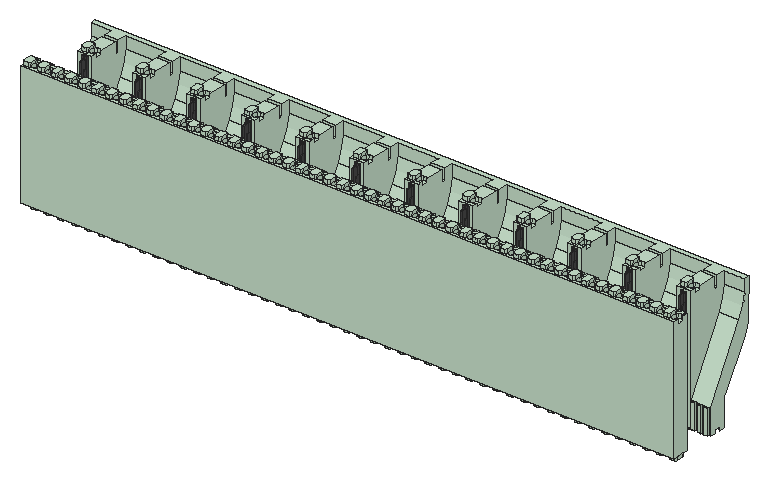
Revit family (continued)
Forms (in)
  Extrusion 51, void
    sketch origin (86, -1, 0) x (-1, 0, 0) y (0, -1, 0)
      loop
        arc (1, -4.89808) -> (1.04785, -5.04517) -> (1.17308, -5.13595) r 0.25
        arc (1.17308, -5.13595) -> (1.5, -5.1875) -> (1.82692, -5.13595) r 1.0625
        arc (1.82692, -5.13595) -> (1.95215, -5.04517) -> (2, -4.89808) r 0.25
        line (2, -4.89808) -> (2, -3.97692)
        arc (2, -3.97692) -> (1.98276, -3.88568) -> (1.9334, -3.80702) r 0.25
        arc (1.9334, -3.80702) -> (1.92106, -3.78736) -> (1.91675, -3.76455) r 0.0625
        line (1.91675, -3.76455) -> (1.91675, -3.41845) -> (1.74592, -3.41845) -> (1.74592, -3.64005)
        arc (1.74592, -3.64005) -> (1.72385, -3.68771) -> (1.67323, -3.70172) r 0.0625
        arc (1.67323, -3.70172) -> (1.42092, -3.69045) -> (1.17308, -3.73905) r 1.0625
        arc (1.17308, -3.73905) -> (1.04785, -3.82983) -> (1, -3.97692) r 0.25
        line (1, -3.97692) -> (1, -4.89808)
    from 18 to 17.5
  Extrusion 52, void
    sketch origin (78, -1, 0) x (-1, 0, 0) y (0, -1, 0)
      loop
        arc (1, -4.89808) -> (1.04785, -5.04517) -> (1.17308, -5.13595) r 0.25
        arc (1.17308, -5.13595) -> (1.5, -5.1875) -> (1.82692, -5.13595) r 1.0625
        arc (1.82692, -5.13595) -> (1.95215, -5.04517) -> (2, -4.89808) r 0.25
        line (2, -4.89808) -> (2, -3.97692)
        arc (2, -3.97692) -> (1.98276, -3.88568) -> (1.9334, -3.80702) r 0.25
        arc (1.9334, -3.80702) -> (1.92106, -3.78736) -> (1.91675, -3.76455) r 0.0625
        line (1.91675, -3.76455) -> (1.91675, -3.41845) -> (1.74592, -3.41845) -> (1.74592, -3.64005)
        arc (1.74592, -3.64005) -> (1.72385, -3.68771) -> (1.67323, -3.70172) r 0.0625
        arc (1.67323, -3.70172) -> (1.42092, -3.69045) -> (1.17308, -3.73905) r 1.0625
        arc (1.17308, -3.73905) -> (1.04785, -3.82983) -> (1, -3.97692) r 0.25
        line (1, -3.97692) -> (1, -4.89808)
    from 18 to 17.5
  Extrusion 53, void
    sketch origin (70, -1, 0) x (-1, 0, 0) y (0, -1, 0)
      loop
        arc (1, -4.89808) -> (1.04785, -5.04517) -> (1.17308, -5.13595) r 0.25
        arc (1.17308, -5.13595) -> (1.5, -5.1875) -> (1.82692, -5.13595) r 1.0625
        arc (1.82692, -5.13595) -> (1.95215, -5.04517) -> (2, -4.89808) r 0.25
        line (2, -4.89808) -> (2, -3.97692)
        arc (2, -3.97692) -> (1.98276, -3.88568) -> (1.9334, -3.80702) r 0.25
        arc (1.9334, -3.80702) -> (1.92106, -3.78736) -> (1.91675, -3.76455) r 0.0625
        line (1.91675, -3.76455) -> (1.91675, -3.41845) -> (1.74592, -3.41845) -> (1.74592, -3.64005)
        arc (1.74592, -3.64005) -> (1.72385, -3.68771) -> (1.67323, -3.70172) r 0.0625
        arc (1.67323, -3.70172) -> (1.42092, -3.69045) -> (1.17308, -3.73905) r 1.0625
        arc (1.17308, -3.73905) -> (1.04785, -3.82983) -> (1, -3.97692) r 0.25
        line (1, -3.97692) -> (1, -4.89808)
    from 18 to 17.5
  Extrusion 54, void
    sketch origin (62, -1, 0) x (-1, 0, 0) y (0, -1, 0)
      loop
        arc (1, -4.89808) -> (1.04785, -5.04517) -> (1.17308, -5.13595) r 0.25
        arc (1.17308, -5.13595) -> (1.5, -5.1875) -> (1.82692, -5.13595) r 1.0625
        arc (1.82692, -5.13595) -> (1.95215, -5.04517) -> (2, -4.89808) r 0.25
        line (2, -4.89808) -> (2, -3.97692)
        arc (2, -3.97692) -> (1.98276, -3.88568) -> (1.9334, -3.80702) r 0.25
        arc (1.9334, -3.80702) -> (1.92106, -3.78736) -> (1.91675, -3.76455) r 0.0625
        line (1.91675, -3.76455) -> (1.91675, -3.41845) -> (1.74592, -3.41845) -> (1.74592, -3.64005)
        arc (1.74592, -3.64005) -> (1.72385, -3.68771) -> (1.67323, -3.70172) r 0.0625
        arc (1.67323, -3.70172) -> (1.42092, -3.69045) -> (1.17308, -3.73905) r 1.0625
        arc (1.17308, -3.73905) -> (1.04785, -3.82983) -> (1, -3.97692) r 0.25
        line (1, -3.97692) -> (1, -4.89808)
    from 18 to 17.5
  Extrusion 55, void
    sketch origin (54, -1, 0) x (-1, 0, 0) y (0, -1, 0)
      loop
        arc (1, -4.89808) -> (1.04785, -5.04517) -> (1.17308, -5.13595) r 0.25
        arc (1.17308, -5.13595) -> (1.5, -5.1875) -> (1.82692, -5.13595) r 1.0625
        arc (1.82692, -5.13595) -> (1.95215, -5.04517) -> (2, -4.89808) r 0.25
        line (2, -4.89808) -> (2, -3.97692)
        arc (2, -3.97692) -> (1.98276, -3.88568) -> (1.9334, -3.80702) r 0.25
        arc (1.9334, -3.80702) -> (1.92106, -3.78736) -> (1.91675, -3.76455) r 0.0625
        line (1.91675, -3.76455) -> (1.91675, -3.41845) -> (1.74592, -3.41845) -> (1.74592, -3.64005)
        arc (1.74592, -3.64005) -> (1.72385, -3.68771) -> (1.67323, -3.70172) r 0.0625
        arc (1.67323, -3.70172) -> (1.42092, -3.69045) -> (1.17308, -3.73905) r 1.0625
        arc (1.17308, -3.73905) -> (1.04785, -3.82983) -> (1, -3.97692) r 0.25
        line (1, -3.97692) -> (1, -4.89808)
    from 18 to 17.5
  Extrusion 56, void
    sketch origin (46, -1, 0) x (-1, 0, 0) y (0, -1, 0)
      loop
        arc (1, -4.89808) -> (1.04785, -5.04517) -> (1.17308, -5.13595) r 0.25
        arc (1.17308, -5.13595) -> (1.5, -5.1875) -> (1.82692, -5.13595) r 1.0625
        arc (1.82692, -5.13595) -> (1.95215, -5.04517) -> (2, -4.89808) r 0.25
        line (2, -4.89808) -> (2, -3.97692)
        arc (2, -3.97692) -> (1.98276, -3.88568) -> (1.9334, -3.80702) r 0.25
        arc (1.9334, -3.80702) -> (1.92106, -3.78736) -> (1.91675, -3.76455) r 0.0625
        line (1.91675, -3.76455) -> (1.91675, -3.41845) -> (1.74592, -3.41845) -> (1.74592, -3.64005)
        arc (1.74592, -3.64005) -> (1.72385, -3.68771) -> (1.67323, -3.70172) r 0.0625
        arc (1.67323, -3.70172) -> (1.42092, -3.69045) -> (1.17308, -3.73905) r 1.0625
        arc (1.17308, -3.73905) -> (1.04785, -3.82983) -> (1, -3.97692) r 0.25
        line (1, -3.97692) -> (1, -4.89808)
    from 18 to 17.5
  Extrusion 57, void
    sketch origin (38, -1, 0) x (-1, 0, 0) y (0, -1, 0)
      loop
        arc (1, -4.89808) -> (1.04785, -5.04517) -> (1.17308, -5.13595) r 0.25
        arc (1.17308, -5.13595) -> (1.5, -5.1875) -> (1.82692, -5.13595) r 1.0625
        arc (1.82692, -5.13595) -> (1.95215, -5.04517) -> (2, -4.89808) r 0.25
        line (2, -4.89808) -> (2, -3.97692)
        arc (2, -3.97692) -> (1.98276, -3.88568) -> (1.9334, -3.80702) r 0.25
        arc (1.9334, -3.80702) -> (1.92106, -3.78736) -> (1.91675, -3.76455) r 0.0625
        line (1.91675, -3.76455) -> (1.91675, -3.41845) -> (1.74592, -3.41845) -> (1.74592, -3.64005)
        arc (1.74592, -3.64005) -> (1.72385, -3.68771) -> (1.67323, -3.70172) r 0.0625
        arc (1.67323, -3.70172) -> (1.42092, -3.69045) -> (1.17308, -3.73905) r 1.0625
        arc (1.17308, -3.73905) -> (1.04785, -3.82983) -> (1, -3.97692) r 0.25
        line (1, -3.97692) -> (1, -4.89808)
    from 18 to 17.5
  Extrusion 58, void
    sketch origin (30, -1, 0) x (-1, 0, 0) y (0, -1, 0)
      loop
        arc (1, -4.89808) -> (1.04785, -5.04517) -> (1.17308, -5.13595) r 0.25
        arc (1.17308, -5.13595) -> (1.5, -5.1875) -> (1.82692, -5.13595) r 1.0625
        arc (1.82692, -5.13595) -> (1.95215, -5.04517) -> (2, -4.89808) r 0.25
        line (2, -4.89808) -> (2, -3.97692)
        arc (2, -3.97692) -> (1.98276, -3.88568) -> (1.9334, -3.80702) r 0.25
        arc (1.9334, -3.80702) -> (1.92106, -3.78736) -> (1.91675, -3.76455) r 0.0625
        line (1.91675, -3.76455) -> (1.91675, -3.41845) -> (1.74592, -3.41845) -> (1.74592, -3.64005)
        arc (1.74592, -3.64005) -> (1.72385, -3.68771) -> (1.67323, -3.70172) r 0.0625
        arc (1.67323, -3.70172) -> (1.42092, -3.69045) -> (1.17308, -3.73905) r 1.0625
        arc (1.17308, -3.73905) -> (1.04785, -3.82983) -> (1, -3.97692) r 0.25
        line (1, -3.97692) -> (1, -4.89808)
    from 18 to 17.5
  Extrusion 59, void
    sketch origin (22, -1, 0) x (-1, 0, 0) y (0, -1, 0)
      loop
        arc (1, -4.89808) -> (1.04785, -5.04517) -> (1.17308, -5.13595) r 0.25
        arc (1.17308, -5.13595) -> (1.5, -5.1875) -> (1.82692, -5.13595) r 1.0625
        arc (1.82692, -5.13595) -> (1.95215, -5.04517) -> (2, -4.89808) r 0.25
        line (2, -4.89808) -> (2, -3.97692)
        arc (2, -3.97692) -> (1.98276, -3.88568) -> (1.9334, -3.80702) r 0.25
        arc (1.9334, -3.80702) -> (1.92106, -3.78736) -> (1.91675, -3.76455) r 0.0625
        line (1.91675, -3.76455) -> (1.91675, -3.41845) -> (1.74592, -3.41845) -> (1.74592, -3.64005)
        arc (1.74592, -3.64005) -> (1.72385, -3.68771) -> (1.67323, -3.70172) r 0.0625
        arc (1.67323, -3.70172) -> (1.42092, -3.69045) -> (1.17308, -3.73905) r 1.0625
        arc (1.17308, -3.73905) -> (1.04785, -3.82983) -> (1, -3.97692) r 0.25
        line (1, -3.97692) -> (1, -4.89808)
    from 18 to 17.5
  Extrusion 60, void
    sketch origin (14, -1, 0) x (-1, 0, 0) y (0, -1, 0)
      loop
        arc (1, -4.89808) -> (1.04785, -5.04517) -> (1.17308, -5.13595) r 0.25
        arc (1.17308, -5.13595) -> (1.5, -5.1875) -> (1.82692, -5.13595) r 1.0625
        arc (1.82692, -5.13595) -> (1.95215, -5.04517) -> (2, -4.89808) r 0.25
        line (2, -4.89808) -> (2, -3.97692)
        arc (2, -3.97692) -> (1.98276, -3.88568) -> (1.9334, -3.80702) r 0.25
        arc (1.9334, -3.80702) -> (1.92106, -3.78736) -> (1.91675, -3.76455) r 0.0625
        line (1.91675, -3.76455) -> (1.91675, -3.41845) -> (1.74592, -3.41845) -> (1.74592, -3.64005)
        arc (1.74592, -3.64005) -> (1.72385, -3.68771) -> (1.67323, -3.70172) r 0.0625
        arc (1.67323, -3.70172) -> (1.42092, -3.69045) -> (1.17308, -3.73905) r 1.0625
        arc (1.17308, -3.73905) -> (1.04785, -3.82983) -> (1, -3.97692) r 0.25
        line (1, -3.97692) -> (1, -4.89808)
    from 18 to 17.5
  Extrusion 61, void
    sketch origin (6, -1, 0) x (-1, 0, 0) y (0, -1, 0)
      loop
        arc (1, -4.89808) -> (1.04785, -5.04517) -> (1.17308, -5.13595) r 0.25
        arc (1.17308, -5.13595) -> (1.5, -5.1875) -> (1.82692, -5.13595) r 1.0625
        arc (1.82692, -5.13595) -> (1.95215, -5.04517) -> (2, -4.89808) r 0.25
        line (2, -4.89808) -> (2, -3.97692)
        arc (2, -3.97692) -> (1.98276, -3.88568) -> (1.9334, -3.80702) r 0.25
        arc (1.9334, -3.80702) -> (1.92106, -3.78736) -> (1.91675, -3.76455) r 0.0625
        line (1.91675, -3.76455) -> (1.91675, -3.41845) -> (1.74592, -3.41845) -> (1.74592, -3.64005)
        arc (1.74592, -3.64005) -> (1.72385, -3.68771) -> (1.67323, -3.70172) r 0.0625
        arc (1.67323, -3.70172) -> (1.42092, -3.69045) -> (1.17308, -3.73905) r 1.0625
        arc (1.17308, -3.73905) -> (1.04785, -3.82983) -> (1, -3.97692) r 0.25
        line (1, -3.97692) -> (1, -4.89808)
    from 18 to 17.5
  Extrusion 62, void
    sketch origin (2, 1, 0) x (-1, 0, 0) y (0, -1, 0)
      loop
        line (1, 4.89808) -> (1, 3.97692)
        arc (1, 3.97692) -> (1.04785, 3.82983) -> (1.17308, 3.73905) r 0.25
        arc (1.17308, 3.73905) -> (1.42092, 3.69045) -> (1.67323, 3.70172) r 1.0625
        arc (1.67323, 3.70172) -> (1.72385, 3.68771) -> (1.74592, 3.64005) r 0.0625
        line (1.74592, 3.64005) -> (1.74592, 3.41845) -> (1.91675, 3.41845) -> (1.91675, 3.76455)
        arc (1.91675, 3.76455) -> (1.92106, 3.78736) -> (1.9334, 3.80702) r 0.0625
        arc (1.9334, 3.80702) -> (1.98276, 3.88568) -> (2, 3.97692) r 0.25
        line (2, 3.97692) -> (2, 4.89808)
        arc (2, 4.89808) -> (1.95215, 5.04517) -> (1.82692, 5.13595) r 0.25
        arc (1.82692, 5.13595) -> (1.5, 5.1875) -> (1.17308, 5.13595) r 1.0625
        arc (1.17308, 5.13595) -> (1.04785, 5.04517) -> (1, 4.89808) r 0.25
    from 0 to 0.5
  Extrusion 63, void
    sketch origin (4, 1, 0) x (-1, 0, 0) y (0, -1, 0)
      loop
        line (1, 4.89808) -> (1, 3.97692)
        arc (1, 3.97692) -> (1.04785, 3.82983) -> (1.17308, 3.73905) r 0.25
        arc (1.17308, 3.73905) -> (1.42092, 3.69045) -> (1.67323, 3.70172) r 1.0625
        arc (1.67323, 3.70172) -> (1.72385, 3.68771) -> (1.74592, 3.64005) r 0.0625
        line (1.74592, 3.64005) -> (1.74592, 3.41845) -> (1.91675, 3.41845) -> (1.91675, 3.76455)
        arc (1.91675, 3.76455) -> (1.92106, 3.78736) -> (1.9334, 3.80702) r 0.0625
        arc (1.9334, 3.80702) -> (1.98276, 3.88568) -> (2, 3.97692) r 0.25
        line (2, 3.97692) -> (2, 4.89808)
        arc (2, 4.89808) -> (1.95215, 5.04517) -> (1.82692, 5.13595) r 0.25
        arc (1.82692, 5.13595) -> (1.5, 5.1875) -> (1.17308, 5.13595) r 1.0625
        arc (1.17308, 5.13595) -> (1.04785, 5.04517) -> (1, 4.89808) r 0.25
    from 0 to 0.5
  Extrusion 64, void
    sketch origin (6, 1, 0) x (-1, 0, 0) y (0, -1, 0)
      loop
        line (1, 4.89808) -> (1, 3.97692)
        arc (1, 3.97692) -> (1.04785, 3.82983) -> (1.17308, 3.73905) r 0.25
        arc (1.17308, 3.73905) -> (1.42092, 3.69045) -> (1.67323, 3.70172) r 1.0625
        arc (1.67323, 3.70172) -> (1.72385, 3.68771) -> (1.74592, 3.64005) r 0.0625
        line (1.74592, 3.64005) -> (1.74592, 3.41845) -> (1.91675, 3.41845) -> (1.91675, 3.76455)
        arc (1.91675, 3.76455) -> (1.92106, 3.78736) -> (1.9334, 3.80702) r 0.0625
        arc (1.9334, 3.80702) -> (1.98276, 3.88568) -> (2, 3.97692) r 0.25
        line (2, 3.97692) -> (2, 4.89808)
        arc (2, 4.89808) -> (1.95215, 5.04517) -> (1.82692, 5.13595) r 0.25
        arc (1.82692, 5.13595) -> (1.5, 5.1875) -> (1.17308, 5.13595) r 1.0625
        arc (1.17308, 5.13595) -> (1.04785, 5.04517) -> (1, 4.89808) r 0.25
    from 0 to 0.5
  Extrusion 65, void
    sketch origin (8, 1, 0) x (-1, 0, 0) y (0, -1, 0)
      loop
        line (1, 4.89808) -> (1, 3.97692)
        arc (1, 3.97692) -> (1.04785, 3.82983) -> (1.17308, 3.73905) r 0.25
        arc (1.17308, 3.73905) -> (1.42092, 3.69045) -> (1.67323, 3.70172) r 1.0625
        arc (1.67323, 3.70172) -> (1.72385, 3.68771) -> (1.74592, 3.64005) r 0.0625
        line (1.74592, 3.64005) -> (1.74592, 3.41845) -> (1.91675, 3.41845) -> (1.91675, 3.76455)
        arc (1.91675, 3.76455) -> (1.92106, 3.78736) -> (1.9334, 3.80702) r 0.0625
        arc (1.9334, 3.80702) -> (1.98276, 3.88568) -> (2, 3.97692) r 0.25
        line (2, 3.97692) -> (2, 4.89808)
        arc (2, 4.89808) -> (1.95215, 5.04517) -> (1.82692, 5.13595) r 0.25
        arc (1.82692, 5.13595) -> (1.5, 5.1875) -> (1.17308, 5.13595) r 1.0625
        arc (1.17308, 5.13595) -> (1.04785, 5.04517) -> (1, 4.89808) r 0.25
    from 0 to 0.5
  Extrusion 66, void
    sketch origin (10, 1, 0) x (-1, 0, 0) y (0, -1, 0)
      loop
        line (1, 4.89808) -> (1, 3.97692)
        arc (1, 3.97692) -> (1.04785, 3.82983) -> (1.17308, 3.73905) r 0.25
        arc (1.17308, 3.73905) -> (1.42092, 3.69045) -> (1.67323, 3.70172) r 1.0625
        arc (1.67323, 3.70172) -> (1.72385, 3.68771) -> (1.74592, 3.64005) r 0.0625
        line (1.74592, 3.64005) -> (1.74592, 3.41845) -> (1.91675, 3.41845) -> (1.91675, 3.76455)
        arc (1.91675, 3.76455) -> (1.92106, 3.78736) -> (1.9334, 3.80702) r 0.0625
        arc (1.9334, 3.80702) -> (1.98276, 3.88568) -> (2, 3.97692) r 0.25
        line (2, 3.97692) -> (2, 4.89808)
        arc (2, 4.89808) -> (1.95215, 5.04517) -> (1.82692, 5.13595) r 0.25
        arc (1.82692, 5.13595) -> (1.5, 5.1875) -> (1.17308, 5.13595) r 1.0625
        arc (1.17308, 5.13595) -> (1.04785, 5.04517) -> (1, 4.89808) r 0.25
    from 0 to 0.5
  Extrusion 67, void
    sketch origin (12, 1, 0) x (-1, 0, 0) y (0, -1, 0)
      loop
        line (1, 4.89808) -> (1, 3.97692)
        arc (1, 3.97692) -> (1.04785, 3.82983) -> (1.17308, 3.73905) r 0.25
        arc (1.17308, 3.73905) -> (1.42092, 3.69045) -> (1.67323, 3.70172) r 1.0625
        arc (1.67323, 3.70172) -> (1.72385, 3.68771) -> (1.74592, 3.64005) r 0.0625
        line (1.74592, 3.64005) -> (1.74592, 3.41845) -> (1.91675, 3.41845) -> (1.91675, 3.76455)
        arc (1.91675, 3.76455) -> (1.92106, 3.78736) -> (1.9334, 3.80702) r 0.0625
        arc (1.9334, 3.80702) -> (1.98276, 3.88568) -> (2, 3.97692) r 0.25
        line (2, 3.97692) -> (2, 4.89808)
        arc (2, 4.89808) -> (1.95215, 5.04517) -> (1.82692, 5.13595) r 0.25
        arc (1.82692, 5.13595) -> (1.5, 5.1875) -> (1.17308, 5.13595) r 1.0625
        arc (1.17308, 5.13595) -> (1.04785, 5.04517) -> (1, 4.89808) r 0.25
    from 0 to 0.5
  Extrusion 68, void
    sketch origin (14, 1, 0) x (-1, 0, 0) y (0, -1, 0)
      loop
        line (1, 4.89808) -> (1, 3.97692)
        arc (1, 3.97692) -> (1.04785, 3.82983) -> (1.17308, 3.73905) r 0.25
        arc (1.17308, 3.73905) -> (1.42092, 3.69045) -> (1.67323, 3.70172) r 1.0625
        arc (1.67323, 3.70172) -> (1.72385, 3.68771) -> (1.74592, 3.64005) r 0.0625
        line (1.74592, 3.64005) -> (1.74592, 3.41845) -> (1.91675, 3.41845) -> (1.91675, 3.76455)
        arc (1.91675, 3.76455) -> (1.92106, 3.78736) -> (1.9334, 3.80702) r 0.0625
        arc (1.9334, 3.80702) -> (1.98276, 3.88568) -> (2, 3.97692) r 0.25
        line (2, 3.97692) -> (2, 4.89808)
        arc (2, 4.89808) -> (1.95215, 5.04517) -> (1.82692, 5.13595) r 0.25
        arc (1.82692, 5.13595) -> (1.5, 5.1875) -> (1.17308, 5.13595) r 1.0625
        arc (1.17308, 5.13595) -> (1.04785, 5.04517) -> (1, 4.89808) r 0.25
    from 0 to 0.5
  Extrusion 69, void
    sketch origin (16, 1, 0) x (-1, 0, 0) y (0, -1, 0)
      loop
        line (1, 4.89808) -> (1, 3.97692)
        arc (1, 3.97692) -> (1.04785, 3.82983) -> (1.17308, 3.73905) r 0.25
        arc (1.17308, 3.73905) -> (1.42092, 3.69045) -> (1.67323, 3.70172) r 1.0625
        arc (1.67323, 3.70172) -> (1.72385, 3.68771) -> (1.74592, 3.64005) r 0.0625
        line (1.74592, 3.64005) -> (1.74592, 3.41845) -> (1.91675, 3.41845) -> (1.91675, 3.76455)
        arc (1.91675, 3.76455) -> (1.92106, 3.78736) -> (1.9334, 3.80702) r 0.0625
        arc (1.9334, 3.80702) -> (1.98276, 3.88568) -> (2, 3.97692) r 0.25
        line (2, 3.97692) -> (2, 4.89808)
        arc (2, 4.89808) -> (1.95215, 5.04517) -> (1.82692, 5.13595) r 0.25
        arc (1.82692, 5.13595) -> (1.5, 5.1875) -> (1.17308, 5.13595) r 1.0625
        arc (1.17308, 5.13595) -> (1.04785, 5.04517) -> (1, 4.89808) r 0.25
    from 0 to 0.5
  Extrusion 70, void
    sketch origin (18, 1, 0) x (-1, 0, 0) y (0, -1, 0)
      loop
        line (1, 4.89808) -> (1, 3.97692)
        arc (1, 3.97692) -> (1.04785, 3.82983) -> (1.17308, 3.73905) r 0.25
        arc (1.17308, 3.73905) -> (1.42092, 3.69045) -> (1.67323, 3.70172) r 1.0625
        arc (1.67323, 3.70172) -> (1.72385, 3.68771) -> (1.74592, 3.64005) r 0.0625
        line (1.74592, 3.64005) -> (1.74592, 3.41845) -> (1.91675, 3.41845) -> (1.91675, 3.76455)
        arc (1.91675, 3.76455) -> (1.92106, 3.78736) -> (1.9334, 3.80702) r 0.0625
        arc (1.9334, 3.80702) -> (1.98276, 3.88568) -> (2, 3.97692) r 0.25
        line (2, 3.97692) -> (2, 4.89808)
        arc (2, 4.89808) -> (1.95215, 5.04517) -> (1.82692, 5.13595) r 0.25
        arc (1.82692, 5.13595) -> (1.5, 5.1875) -> (1.17308, 5.13595) r 1.0625
        arc (1.17308, 5.13595) -> (1.04785, 5.04517) -> (1, 4.89808) r 0.25
    from 0 to 0.5
  Extrusion 71, void
    sketch origin (20, 1, 0) x (-1, 0, 0) y (0, -1, 0)
      loop
        line (1, 4.89808) -> (1, 3.97692)
        arc (1, 3.97692) -> (1.04785, 3.82983) -> (1.17308, 3.73905) r 0.25
        arc (1.17308, 3.73905) -> (1.42092, 3.69045) -> (1.67323, 3.70172) r 1.0625
        arc (1.67323, 3.70172) -> (1.72385, 3.68771) -> (1.74592, 3.64005) r 0.0625
        line (1.74592, 3.64005) -> (1.74592, 3.41845) -> (1.91675, 3.41845) -> (1.91675, 3.76455)
        arc (1.91675, 3.76455) -> (1.92106, 3.78736) -> (1.9334, 3.80702) r 0.0625
        arc (1.9334, 3.80702) -> (1.98276, 3.88568) -> (2, 3.97692) r 0.25
        line (2, 3.97692) -> (2, 4.89808)
        arc (2, 4.89808) -> (1.95215, 5.04517) -> (1.82692, 5.13595) r 0.25
        arc (1.82692, 5.13595) -> (1.5, 5.1875) -> (1.17308, 5.13595) r 1.0625
        arc (1.17308, 5.13595) -> (1.04785, 5.04517) -> (1, 4.89808) r 0.25
    from 0 to 0.5
  Extrusion 72, void
    sketch origin (22, 1, 0) x (-1, 0, 0) y (0, -1, 0)
      loop
        line (1, 4.89808) -> (1, 3.97692)
        arc (1, 3.97692) -> (1.04785, 3.82983) -> (1.17308, 3.73905) r 0.25
        arc (1.17308, 3.73905) -> (1.42092, 3.69045) -> (1.67323, 3.70172) r 1.0625
        arc (1.67323, 3.70172) -> (1.72385, 3.68771) -> (1.74592, 3.64005) r 0.0625
        line (1.74592, 3.64005) -> (1.74592, 3.41845) -> (1.91675, 3.41845) -> (1.91675, 3.76455)
        arc (1.91675, 3.76455) -> (1.92106, 3.78736) -> (1.9334, 3.80702) r 0.0625
        arc (1.9334, 3.80702) -> (1.98276, 3.88568) -> (2, 3.97692) r 0.25
        line (2, 3.97692) -> (2, 4.89808)
        arc (2, 4.89808) -> (1.95215, 5.04517) -> (1.82692, 5.13595) r 0.25
        arc (1.82692, 5.13595) -> (1.5, 5.1875) -> (1.17308, 5.13595) r 1.0625
        arc (1.17308, 5.13595) -> (1.04785, 5.04517) -> (1, 4.89808) r 0.25
    from 0 to 0.5
  Extrusion 73, void
    sketch origin (24, 1, 0) x (-1, 0, 0) y (0, -1, 0)
      loop
        line (1, 4.89808) -> (1, 3.97692)
        arc (1, 3.97692) -> (1.04785, 3.82983) -> (1.17308, 3.73905) r 0.25
        arc (1.17308, 3.73905) -> (1.42092, 3.69045) -> (1.67323, 3.70172) r 1.0625
        arc (1.67323, 3.70172) -> (1.72385, 3.68771) -> (1.74592, 3.64005) r 0.0625
        line (1.74592, 3.64005) -> (1.74592, 3.41845) -> (1.91675, 3.41845) -> (1.91675, 3.76455)
        arc (1.91675, 3.76455) -> (1.92106, 3.78736) -> (1.9334, 3.80702) r 0.0625
        arc (1.9334, 3.80702) -> (1.98276, 3.88568) -> (2, 3.97692) r 0.25
        line (2, 3.97692) -> (2, 4.89808)
        arc (2, 4.89808) -> (1.95215, 5.04517) -> (1.82692, 5.13595) r 0.25
        arc (1.82692, 5.13595) -> (1.5, 5.1875) -> (1.17308, 5.13595) r 1.0625
        arc (1.17308, 5.13595) -> (1.04785, 5.04517) -> (1, 4.89808) r 0.25
    from 0 to 0.5
  Extrusion 74, void
    sketch origin (26, 1, 0) x (-1, 0, 0) y (0, -1, 0)
      loop
        line (1, 4.89808) -> (1, 3.97692)
        arc (1, 3.97692) -> (1.04785, 3.82983) -> (1.17308, 3.73905) r 0.25
        arc (1.17308, 3.73905) -> (1.42092, 3.69045) -> (1.67323, 3.70172) r 1.0625
        arc (1.67323, 3.70172) -> (1.72385, 3.68771) -> (1.74592, 3.64005) r 0.0625
        line (1.74592, 3.64005) -> (1.74592, 3.41845) -> (1.91675, 3.41845) -> (1.91675, 3.76455)
        arc (1.91675, 3.76455) -> (1.92106, 3.78736) -> (1.9334, 3.80702) r 0.0625
        arc (1.9334, 3.80702) -> (1.98276, 3.88568) -> (2, 3.97692) r 0.25
        line (2, 3.97692) -> (2, 4.89808)
        arc (2, 4.89808) -> (1.95215, 5.04517) -> (1.82692, 5.13595) r 0.25
        arc (1.82692, 5.13595) -> (1.5, 5.1875) -> (1.17308, 5.13595) r 1.0625
        arc (1.17308, 5.13595) -> (1.04785, 5.04517) -> (1, 4.89808) r 0.25
    from 0 to 0.5
  Extrusion 75, void
    sketch origin (28, 1, 0) x (-1, 0, 0) y (0, -1, 0)
      loop
        line (1, 4.89808) -> (1, 3.97692)
        arc (1, 3.97692) -> (1.04785, 3.82983) -> (1.17308, 3.73905) r 0.25
        arc (1.17308, 3.73905) -> (1.42092, 3.69045) -> (1.67323, 3.70172) r 1.0625
        arc (1.67323, 3.70172) -> (1.72385, 3.68771) -> (1.74592, 3.64005) r 0.0625
        line (1.74592, 3.64005) -> (1.74592, 3.41845) -> (1.91675, 3.41845) -> (1.91675, 3.76455)
        arc (1.91675, 3.76455) -> (1.92106, 3.78736) -> (1.9334, 3.80702) r 0.0625
        arc (1.9334, 3.80702) -> (1.98276, 3.88568) -> (2, 3.97692) r 0.25
        line (2, 3.97692) -> (2, 4.89808)
        arc (2, 4.89808) -> (1.95215, 5.04517) -> (1.82692, 5.13595) r 0.25
        arc (1.82692, 5.13595) -> (1.5, 5.1875) -> (1.17308, 5.13595) r 1.0625
        arc (1.17308, 5.13595) -> (1.04785, 5.04517) -> (1, 4.89808) r 0.25
    from 0 to 0.5
  Extrusion 76, void
    sketch origin (30, 1, 0) x (-1, 0, 0) y (0, -1, 0)
      loop
        line (1, 4.89808) -> (1, 3.97692)
        arc (1, 3.97692) -> (1.04785, 3.82983) -> (1.17308, 3.73905) r 0.25
        arc (1.17308, 3.73905) -> (1.42092, 3.69045) -> (1.67323, 3.70172) r 1.0625
        arc (1.67323, 3.70172) -> (1.72385, 3.68771) -> (1.74592, 3.64005) r 0.0625
        line (1.74592, 3.64005) -> (1.74592, 3.41845) -> (1.91675, 3.41845) -> (1.91675, 3.76455)
        arc (1.91675, 3.76455) -> (1.92106, 3.78736) -> (1.9334, 3.80702) r 0.0625
        arc (1.9334, 3.80702) -> (1.98276, 3.88568) -> (2, 3.97692) r 0.25
        line (2, 3.97692) -> (2, 4.89808)
        arc (2, 4.89808) -> (1.95215, 5.04517) -> (1.82692, 5.13595) r 0.25
        arc (1.82692, 5.13595) -> (1.5, 5.1875) -> (1.17308, 5.13595) r 1.0625
        arc (1.17308, 5.13595) -> (1.04785, 5.04517) -> (1, 4.89808) r 0.25
    from 0 to 0.5
  Extrusion 77, void
    sketch origin (32, 1, 0) x (-1, 0, 0) y (0, -1, 0)
      loop
        line (1, 4.89808) -> (1, 3.97692)
        arc (1, 3.97692) -> (1.04785, 3.82983) -> (1.17308, 3.73905) r 0.25
        arc (1.17308, 3.73905) -> (1.42092, 3.69045) -> (1.67323, 3.70172) r 1.0625
        arc (1.67323, 3.70172) -> (1.72385, 3.68771) -> (1.74592, 3.64005) r 0.0625
        line (1.74592, 3.64005) -> (1.74592, 3.41845) -> (1.91675, 3.41845) -> (1.91675, 3.76455)
        arc (1.91675, 3.76455) -> (1.92106, 3.78736) -> (1.9334, 3.80702) r 0.0625
        arc (1.9334, 3.80702) -> (1.98276, 3.88568) -> (2, 3.97692) r 0.25
        line (2, 3.97692) -> (2, 4.89808)
        arc (2, 4.89808) -> (1.95215, 5.04517) -> (1.82692, 5.13595) r 0.25
        arc (1.82692, 5.13595) -> (1.5, 5.1875) -> (1.17308, 5.13595) r 1.0625
        arc (1.17308, 5.13595) -> (1.04785, 5.04517) -> (1, 4.89808) r 0.25
    from 0 to 0.5
  Extrusion 78, void
    sketch origin (34, 1, 0) x (-1, 0, 0) y (0, -1, 0)
      loop
        line (1, 4.89808) -> (1, 3.97692)
        arc (1, 3.97692) -> (1.04785, 3.82983) -> (1.17308, 3.73905) r 0.25
        arc (1.17308, 3.73905) -> (1.42092, 3.69045) -> (1.67323, 3.70172) r 1.0625
        arc (1.67323, 3.70172) -> (1.72385, 3.68771) -> (1.74592, 3.64005) r 0.0625
        line (1.74592, 3.64005) -> (1.74592, 3.41845) -> (1.91675, 3.41845) -> (1.91675, 3.76455)
        arc (1.91675, 3.76455) -> (1.92106, 3.78736) -> (1.9334, 3.80702) r 0.0625
        arc (1.9334, 3.80702) -> (1.98276, 3.88568) -> (2, 3.97692) r 0.25
        line (2, 3.97692) -> (2, 4.89808)
        arc (2, 4.89808) -> (1.95215, 5.04517) -> (1.82692, 5.13595) r 0.25
        arc (1.82692, 5.13595) -> (1.5, 5.1875) -> (1.17308, 5.13595) r 1.0625
        arc (1.17308, 5.13595) -> (1.04785, 5.04517) -> (1, 4.89808) r 0.25
    from 0 to 0.5
  Extrusion 79, void
    sketch origin (36, 1, 0) x (-1, 0, 0) y (0, -1, 0)
      loop
        line (1, 4.89808) -> (1, 3.97692)
        arc (1, 3.97692) -> (1.04785, 3.82983) -> (1.17308, 3.73905) r 0.25
        arc (1.17308, 3.73905) -> (1.42092, 3.69045) -> (1.67323, 3.70172) r 1.0625
        arc (1.67323, 3.70172) -> (1.72385, 3.68771) -> (1.74592, 3.64005) r 0.0625
        line (1.74592, 3.64005) -> (1.74592, 3.41845) -> (1.91675, 3.41845) -> (1.91675, 3.76455)
        arc (1.91675, 3.76455) -> (1.92106, 3.78736) -> (1.9334, 3.80702) r 0.0625
        arc (1.9334, 3.80702) -> (1.98276, 3.88568) -> (2, 3.97692) r 0.25
        line (2, 3.97692) -> (2, 4.89808)
        arc (2, 4.89808) -> (1.95215, 5.04517) -> (1.82692, 5.13595) r 0.25
        arc (1.82692, 5.13595) -> (1.5, 5.1875) -> (1.17308, 5.13595) r 1.0625
        arc (1.17308, 5.13595) -> (1.04785, 5.04517) -> (1, 4.89808) r 0.25
    from 0 to 0.5
  Extrusion 80, void
    sketch origin (38, 1, 0) x (-1, 0, 0) y (0, -1, 0)
      loop
        line (1, 4.89808) -> (1, 3.97692)
        arc (1, 3.97692) -> (1.04785, 3.82983) -> (1.17308, 3.73905) r 0.25
        arc (1.17308, 3.73905) -> (1.42092, 3.69045) -> (1.67323, 3.70172) r 1.0625
        arc (1.67323, 3.70172) -> (1.72385, 3.68771) -> (1.74592, 3.64005) r 0.0625
        line (1.74592, 3.64005) -> (1.74592, 3.41845) -> (1.91675, 3.41845) -> (1.91675, 3.76455)
        arc (1.91675, 3.76455) -> (1.92106, 3.78736) -> (1.9334, 3.80702) r 0.0625
        arc (1.9334, 3.80702) -> (1.98276, 3.88568) -> (2, 3.97692) r 0.25
        line (2, 3.97692) -> (2, 4.89808)
        arc (2, 4.89808) -> (1.95215, 5.04517) -> (1.82692, 5.13595) r 0.25
        arc (1.82692, 5.13595) -> (1.5, 5.1875) -> (1.17308, 5.13595) r 1.0625
        arc (1.17308, 5.13595) -> (1.04785, 5.04517) -> (1, 4.89808) r 0.25
    from 0 to 0.5
  Extrusion 81, void
    sketch origin (40, 1, 0) x (-1, 0, 0) y (0, -1, 0)
      loop
        line (1, 4.89808) -> (1, 3.97692)
        arc (1, 3.97692) -> (1.04785, 3.82983) -> (1.17308, 3.73905) r 0.25
        arc (1.17308, 3.73905) -> (1.42092, 3.69045) -> (1.67323, 3.70172) r 1.0625
        arc (1.67323, 3.70172) -> (1.72385, 3.68771) -> (1.74592, 3.64005) r 0.0625
        line (1.74592, 3.64005) -> (1.74592, 3.41845) -> (1.91675, 3.41845) -> (1.91675, 3.76455)
        arc (1.91675, 3.76455) -> (1.92106, 3.78736) -> (1.9334, 3.80702) r 0.0625
        arc (1.9334, 3.80702) -> (1.98276, 3.88568) -> (2, 3.97692) r 0.25
        line (2, 3.97692) -> (2, 4.89808)
        arc (2, 4.89808) -> (1.95215, 5.04517) -> (1.82692, 5.13595) r 0.25
        arc (1.82692, 5.13595) -> (1.5, 5.1875) -> (1.17308, 5.13595) r 1.0625
        arc (1.17308, 5.13595) -> (1.04785, 5.04517) -> (1, 4.89808) r 0.25
    from 0 to 0.5
  Extrusion 82, void
    sketch origin (42, 1, 0) x (-1, 0, 0) y (0, -1, 0)
      loop
        line (1, 4.89808) -> (1, 3.97692)
        arc (1, 3.97692) -> (1.04785, 3.82983) -> (1.17308, 3.73905) r 0.25
        arc (1.17308, 3.73905) -> (1.42092, 3.69045) -> (1.67323, 3.70172) r 1.0625
        arc (1.67323, 3.70172) -> (1.72385, 3.68771) -> (1.74592, 3.64005) r 0.0625
        line (1.74592, 3.64005) -> (1.74592, 3.41845) -> (1.91675, 3.41845) -> (1.91675, 3.76455)
        arc (1.91675, 3.76455) -> (1.92106, 3.78736) -> (1.9334, 3.80702) r 0.0625
        arc (1.9334, 3.80702) -> (1.98276, 3.88568) -> (2, 3.97692) r 0.25
        line (2, 3.97692) -> (2, 4.89808)
        arc (2, 4.89808) -> (1.95215, 5.04517) -> (1.82692, 5.13595) r 0.25
        arc (1.82692, 5.13595) -> (1.5, 5.1875) -> (1.17308, 5.13595) r 1.0625
        arc (1.17308, 5.13595) -> (1.04785, 5.04517) -> (1, 4.89808) r 0.25
    from 0 to 0.5
  Extrusion 83, void
    sketch origin (44, 1, 0) x (-1, 0, 0) y (0, -1, 0)
      loop
        line (1, 4.89808) -> (1, 3.97692)
        arc (1, 3.97692) -> (1.04785, 3.82983) -> (1.17308, 3.73905) r 0.25
        arc (1.17308, 3.73905) -> (1.42092, 3.69045) -> (1.67323, 3.70172) r 1.0625
        arc (1.67323, 3.70172) -> (1.72385, 3.68771) -> (1.74592, 3.64005) r 0.0625
        line (1.74592, 3.64005) -> (1.74592, 3.41845) -> (1.91675, 3.41845) -> (1.91675, 3.76455)
        arc (1.91675, 3.76455) -> (1.92106, 3.78736) -> (1.9334, 3.80702) r 0.0625
        arc (1.9334, 3.80702) -> (1.98276, 3.88568) -> (2, 3.97692) r 0.25
        line (2, 3.97692) -> (2, 4.89808)
        arc (2, 4.89808) -> (1.95215, 5.04517) -> (1.82692, 5.13595) r 0.25
        arc (1.82692, 5.13595) -> (1.5, 5.1875) -> (1.17308, 5.13595) r 1.0625
        arc (1.17308, 5.13595) -> (1.04785, 5.04517) -> (1, 4.89808) r 0.25
    from 0 to 0.5
  Extrusion 84, void
    sketch origin (46, 1, 0) x (-1, 0, 0) y (0, -1, 0)
      loop
        line (1, 4.89808) -> (1, 3.97692)
        arc (1, 3.97692) -> (1.04785, 3.82983) -> (1.17308, 3.73905) r 0.25
        arc (1.17308, 3.73905) -> (1.42092, 3.69045) -> (1.67323, 3.70172) r 1.0625
        arc (1.67323, 3.70172) -> (1.72385, 3.68771) -> (1.74592, 3.64005) r 0.0625
        line (1.74592, 3.64005) -> (1.74592, 3.41845) -> (1.91675, 3.41845) -> (1.91675, 3.76455)
        arc (1.91675, 3.76455) -> (1.92106, 3.78736) -> (1.9334, 3.80702) r 0.0625
        arc (1.9334, 3.80702) -> (1.98276, 3.88568) -> (2, 3.97692) r 0.25
        line (2, 3.97692) -> (2, 4.89808)
        arc (2, 4.89808) -> (1.95215, 5.04517) -> (1.82692, 5.13595) r 0.25
        arc (1.82692, 5.13595) -> (1.5, 5.1875) -> (1.17308, 5.13595) r 1.0625
        arc (1.17308, 5.13595) -> (1.04785, 5.04517) -> (1, 4.89808) r 0.25
    from 0 to 0.5
  Extrusion 85, void
    sketch origin (48, 1, 0) x (-1, 0, 0) y (0, -1, 0)
      loop
        line (1, 4.89808) -> (1, 3.97692)
        arc (1, 3.97692) -> (1.04785, 3.82983) -> (1.17308, 3.73905) r 0.25
        arc (1.17308, 3.73905) -> (1.42092, 3.69045) -> (1.67323, 3.70172) r 1.0625
        arc (1.67323, 3.70172) -> (1.72385, 3.68771) -> (1.74592, 3.64005) r 0.0625
        line (1.74592, 3.64005) -> (1.74592, 3.41845) -> (1.91675, 3.41845) -> (1.91675, 3.76455)
        arc (1.91675, 3.76455) -> (1.92106, 3.78736) -> (1.9334, 3.80702) r 0.0625
        arc (1.9334, 3.80702) -> (1.98276, 3.88568) -> (2, 3.97692) r 0.25
        line (2, 3.97692) -> (2, 4.89808)
        arc (2, 4.89808) -> (1.95215, 5.04517) -> (1.82692, 5.13595) r 0.25
        arc (1.82692, 5.13595) -> (1.5, 5.1875) -> (1.17308, 5.13595) r 1.0625
        arc (1.17308, 5.13595) -> (1.04785, 5.04517) -> (1, 4.89808) r 0.25
    from 0 to 0.5
  Extrusion 86, void
    sketch origin (50, 1, 0) x (-1, 0, 0) y (0, -1, 0)
      loop
        line (1, 4.89808) -> (1, 3.97692)
        arc (1, 3.97692) -> (1.04785, 3.82983) -> (1.17308, 3.73905) r 0.25
        arc (1.17308, 3.73905) -> (1.42092, 3.69045) -> (1.67323, 3.70172) r 1.0625
        arc (1.67323, 3.70172) -> (1.72385, 3.68771) -> (1.74592, 3.64005) r 0.0625
        line (1.74592, 3.64005) -> (1.74592, 3.41845) -> (1.91675, 3.41845) -> (1.91675, 3.76455)
        arc (1.91675, 3.76455) -> (1.92106, 3.78736) -> (1.9334, 3.80702) r 0.0625
        arc (1.9334, 3.80702) -> (1.98276, 3.88568) -> (2, 3.97692) r 0.25
        line (2, 3.97692) -> (2, 4.89808)
        arc (2, 4.89808) -> (1.95215, 5.04517) -> (1.82692, 5.13595) r 0.25
        arc (1.82692, 5.13595) -> (1.5, 5.1875) -> (1.17308, 5.13595) r 1.0625
        arc (1.17308, 5.13595) -> (1.04785, 5.04517) -> (1, 4.89808) r 0.25
    from 0 to 0.5
  Extrusion 87, void
    sketch origin (52, 1, 0) x (-1, 0, 0) y (0, -1, 0)
      loop
        line (1, 4.89808) -> (1, 3.97692)
        arc (1, 3.97692) -> (1.04785, 3.82983) -> (1.17308, 3.73905) r 0.25
        arc (1.17308, 3.73905) -> (1.42092, 3.69045) -> (1.67323, 3.70172) r 1.0625
        arc (1.67323, 3.70172) -> (1.72385, 3.68771) -> (1.74592, 3.64005) r 0.0625
        line (1.74592, 3.64005) -> (1.74592, 3.41845) -> (1.91675, 3.41845) -> (1.91675, 3.76455)
        arc (1.91675, 3.76455) -> (1.92106, 3.78736) -> (1.9334, 3.80702) r 0.0625
        arc (1.9334, 3.80702) -> (1.98276, 3.88568) -> (2, 3.97692) r 0.25
        line (2, 3.97692) -> (2, 4.89808)
        arc (2, 4.89808) -> (1.95215, 5.04517) -> (1.82692, 5.13595) r 0.25
        arc (1.82692, 5.13595) -> (1.5, 5.1875) -> (1.17308, 5.13595) r 1.0625
        arc (1.17308, 5.13595) -> (1.04785, 5.04517) -> (1, 4.89808) r 0.25
    from 0 to 0.5
  Extrusion 88, void
    sketch origin (54, 1, 0) x (-1, 0, 0) y (0, -1, 0)
      loop
        line (1, 4.89808) -> (1, 3.97692)
        arc (1, 3.97692) -> (1.04785, 3.82983) -> (1.17308, 3.73905) r 0.25
        arc (1.17308, 3.73905) -> (1.42092, 3.69045) -> (1.67323, 3.70172) r 1.0625
        arc (1.67323, 3.70172) -> (1.72385, 3.68771) -> (1.74592, 3.64005) r 0.0625
        line (1.74592, 3.64005) -> (1.74592, 3.41845) -> (1.91675, 3.41845) -> (1.91675, 3.76455)
        arc (1.91675, 3.76455) -> (1.92106, 3.78736) -> (1.9334, 3.80702) r 0.0625
        arc (1.9334, 3.80702) -> (1.98276, 3.88568) -> (2, 3.97692) r 0.25
        line (2, 3.97692) -> (2, 4.89808)
        arc (2, 4.89808) -> (1.95215, 5.04517) -> (1.82692, 5.13595) r 0.25
        arc (1.82692, 5.13595) -> (1.5, 5.1875) -> (1.17308, 5.13595) r 1.0625
        arc (1.17308, 5.13595) -> (1.04785, 5.04517) -> (1, 4.89808) r 0.25
    from 0 to 0.5
  Extrusion 89, void
    sketch origin (56, 1, 0) x (-1, 0, 0) y (0, -1, 0)
      loop
        line (1, 4.89808) -> (1, 3.97692)
        arc (1, 3.97692) -> (1.04785, 3.82983) -> (1.17308, 3.73905) r 0.25
        arc (1.17308, 3.73905) -> (1.42092, 3.69045) -> (1.67323, 3.70172) r 1.0625
        arc (1.67323, 3.70172) -> (1.72385, 3.68771) -> (1.74592, 3.64005) r 0.0625
        line (1.74592, 3.64005) -> (1.74592, 3.41845) -> (1.91675, 3.41845) -> (1.91675, 3.76455)
        arc (1.91675, 3.76455) -> (1.92106, 3.78736) -> (1.9334, 3.80702) r 0.0625
        arc (1.9334, 3.80702) -> (1.98276, 3.88568) -> (2, 3.97692) r 0.25
        line (2, 3.97692) -> (2, 4.89808)
        arc (2, 4.89808) -> (1.95215, 5.04517) -> (1.82692, 5.13595) r 0.25
        arc (1.82692, 5.13595) -> (1.5, 5.1875) -> (1.17308, 5.13595) r 1.0625
        arc (1.17308, 5.13595) -> (1.04785, 5.04517) -> (1, 4.89808) r 0.25
    from 0 to 0.5
  Extrusion 90, void
    sketch origin (58, 1, 0) x (-1, 0, 0) y (0, -1, 0)
      loop
        line (1, 4.89808) -> (1, 3.97692)
        arc (1, 3.97692) -> (1.04785, 3.82983) -> (1.17308, 3.73905) r 0.25
        arc (1.17308, 3.73905) -> (1.42092, 3.69045) -> (1.67323, 3.70172) r 1.0625
        arc (1.67323, 3.70172) -> (1.72385, 3.68771) -> (1.74592, 3.64005) r 0.0625
        line (1.74592, 3.64005) -> (1.74592, 3.41845) -> (1.91675, 3.41845) -> (1.91675, 3.76455)
        arc (1.91675, 3.76455) -> (1.92106, 3.78736) -> (1.9334, 3.80702) r 0.0625
        arc (1.9334, 3.80702) -> (1.98276, 3.88568) -> (2, 3.97692) r 0.25
        line (2, 3.97692) -> (2, 4.89808)
        arc (2, 4.89808) -> (1.95215, 5.04517) -> (1.82692, 5.13595) r 0.25
        arc (1.82692, 5.13595) -> (1.5, 5.1875) -> (1.17308, 5.13595) r 1.0625
        arc (1.17308, 5.13595) -> (1.04785, 5.04517) -> (1, 4.89808) r 0.25
    from 0 to 0.5
  Extrusion 91, void
    sketch origin (60, 1, 0) x (-1, 0, 0) y (0, -1, 0)
      loop
        line (1, 4.89808) -> (1, 3.97692)
        arc (1, 3.97692) -> (1.04785, 3.82983) -> (1.17308, 3.73905) r 0.25
        arc (1.17308, 3.73905) -> (1.42092, 3.69045) -> (1.67323, 3.70172) r 1.0625
        arc (1.67323, 3.70172) -> (1.72385, 3.68771) -> (1.74592, 3.64005) r 0.0625
        line (1.74592, 3.64005) -> (1.74592, 3.41845) -> (1.91675, 3.41845) -> (1.91675, 3.76455)
        arc (1.91675, 3.76455) -> (1.92106, 3.78736) -> (1.9334, 3.80702) r 0.0625
        arc (1.9334, 3.80702) -> (1.98276, 3.88568) -> (2, 3.97692) r 0.25
        line (2, 3.97692) -> (2, 4.89808)
        arc (2, 4.89808) -> (1.95215, 5.04517) -> (1.82692, 5.13595) r 0.25
        arc (1.82692, 5.13595) -> (1.5, 5.1875) -> (1.17308, 5.13595) r 1.0625
        arc (1.17308, 5.13595) -> (1.04785, 5.04517) -> (1, 4.89808) r 0.25
    from 0 to 0.5
  Extrusion 92, void
    sketch origin (62, 1, 0) x (-1, 0, 0) y (0, -1, 0)
      loop
        line (1, 4.89808) -> (1, 3.97692)
        arc (1, 3.97692) -> (1.04785, 3.82983) -> (1.17308, 3.73905) r 0.25
        arc (1.17308, 3.73905) -> (1.42092, 3.69045) -> (1.67323, 3.70172) r 1.0625
        arc (1.67323, 3.70172) -> (1.72385, 3.68771) -> (1.74592, 3.64005) r 0.0625
        line (1.74592, 3.64005) -> (1.74592, 3.41845) -> (1.91675, 3.41845) -> (1.91675, 3.76455)
        arc (1.91675, 3.76455) -> (1.92106, 3.78736) -> (1.9334, 3.80702) r 0.0625
        arc (1.9334, 3.80702) -> (1.98276, 3.88568) -> (2, 3.97692) r 0.25
        line (2, 3.97692) -> (2, 4.89808)
        arc (2, 4.89808) -> (1.95215, 5.04517) -> (1.82692, 5.13595) r 0.25
        arc (1.82692, 5.13595) -> (1.5, 5.1875) -> (1.17308, 5.13595) r 1.0625
        arc (1.17308, 5.13595) -> (1.04785, 5.04517) -> (1, 4.89808) r 0.25
    from 0 to 0.5
  Extrusion 93, void
    sketch origin (64, 1, 0) x (-1, 0, 0) y (0, -1, 0)
      loop
        line (1, 4.89808) -> (1, 3.97692)
        arc (1, 3.97692) -> (1.04785, 3.82983) -> (1.17308, 3.73905) r 0.25
        arc (1.17308, 3.73905) -> (1.42092, 3.69045) -> (1.67323, 3.70172) r 1.0625
        arc (1.67323, 3.70172) -> (1.72385, 3.68771) -> (1.74592, 3.64005) r 0.0625
        line (1.74592, 3.64005) -> (1.74592, 3.41845) -> (1.91675, 3.41845) -> (1.91675, 3.76455)
        arc (1.91675, 3.76455) -> (1.92106, 3.78736) -> (1.9334, 3.80702) r 0.0625
        arc (1.9334, 3.80702) -> (1.98276, 3.88568) -> (2, 3.97692) r 0.25
        line (2, 3.97692) -> (2, 4.89808)
        arc (2, 4.89808) -> (1.95215, 5.04517) -> (1.82692, 5.13595) r 0.25
        arc (1.82692, 5.13595) -> (1.5, 5.1875) -> (1.17308, 5.13595) r 1.0625
        arc (1.17308, 5.13595) -> (1.04785, 5.04517) -> (1, 4.89808) r 0.25
    from 0 to 0.5
  Extrusion 94, void
    sketch origin (66, 1, 0) x (-1, 0, 0) y (0, -1, 0)
      loop
        line (1, 4.89808) -> (1, 3.97692)
        arc (1, 3.97692) -> (1.04785, 3.82983) -> (1.17308, 3.73905) r 0.25
        arc (1.17308, 3.73905) -> (1.42092, 3.69045) -> (1.67323, 3.70172) r 1.0625
        arc (1.67323, 3.70172) -> (1.72385, 3.68771) -> (1.74592, 3.64005) r 0.0625
        line (1.74592, 3.64005) -> (1.74592, 3.41845) -> (1.91675, 3.41845) -> (1.91675, 3.76455)
        arc (1.91675, 3.76455) -> (1.92106, 3.78736) -> (1.9334, 3.80702) r 0.0625
        arc (1.9334, 3.80702) -> (1.98276, 3.88568) -> (2, 3.97692) r 0.25
        line (2, 3.97692) -> (2, 4.89808)
        arc (2, 4.89808) -> (1.95215, 5.04517) -> (1.82692, 5.13595) r 0.25
        arc (1.82692, 5.13595) -> (1.5, 5.1875) -> (1.17308, 5.13595) r 1.0625
        arc (1.17308, 5.13595) -> (1.04785, 5.04517) -> (1, 4.89808) r 0.25
    from 0 to 0.5
  Extrusion 95, void
    sketch origin (68, 1, 0) x (-1, 0, 0) y (0, -1, 0)
      loop
        line (1, 4.89808) -> (1, 3.97692)
        arc (1, 3.97692) -> (1.04785, 3.82983) -> (1.17308, 3.73905) r 0.25
        arc (1.17308, 3.73905) -> (1.42092, 3.69045) -> (1.67323, 3.70172) r 1.0625
        arc (1.67323, 3.70172) -> (1.72385, 3.68771) -> (1.74592, 3.64005) r 0.0625
        line (1.74592, 3.64005) -> (1.74592, 3.41845) -> (1.91675, 3.41845) -> (1.91675, 3.76455)
        arc (1.91675, 3.76455) -> (1.92106, 3.78736) -> (1.9334, 3.80702) r 0.0625
        arc (1.9334, 3.80702) -> (1.98276, 3.88568) -> (2, 3.97692) r 0.25
        line (2, 3.97692) -> (2, 4.89808)
        arc (2, 4.89808) -> (1.95215, 5.04517) -> (1.82692, 5.13595) r 0.25
        arc (1.82692, 5.13595) -> (1.5, 5.1875) -> (1.17308, 5.13595) r 1.0625
        arc (1.17308, 5.13595) -> (1.04785, 5.04517) -> (1, 4.89808) r 0.25
    from 0 to 0.5
  Extrusion 96, void
    sketch origin (70, 1, 0) x (-1, 0, 0) y (0, -1, 0)
      loop
        line (1, 4.89808) -> (1, 3.97692)
        arc (1, 3.97692) -> (1.04785, 3.82983) -> (1.17308, 3.73905) r 0.25
        arc (1.17308, 3.73905) -> (1.42092, 3.69045) -> (1.67323, 3.70172) r 1.0625
        arc (1.67323, 3.70172) -> (1.72385, 3.68771) -> (1.74592, 3.64005) r 0.0625
        line (1.74592, 3.64005) -> (1.74592, 3.41845) -> (1.91675, 3.41845) -> (1.91675, 3.76455)
        arc (1.91675, 3.76455) -> (1.92106, 3.78736) -> (1.9334, 3.80702) r 0.0625
        arc (1.9334, 3.80702) -> (1.98276, 3.88568) -> (2, 3.97692) r 0.25
        line (2, 3.97692) -> (2, 4.89808)
        arc (2, 4.89808) -> (1.95215, 5.04517) -> (1.82692, 5.13595) r 0.25
        arc (1.82692, 5.13595) -> (1.5, 5.1875) -> (1.17308, 5.13595) r 1.0625
        arc (1.17308, 5.13595) -> (1.04785, 5.04517) -> (1, 4.89808) r 0.25
    from 0 to 0.5
  Extrusion 97, void
    sketch origin (72, 1, 0) x (-1, 0, 0) y (0, -1, 0)
      loop
        line (1, 4.89808) -> (1, 3.97692)
        arc (1, 3.97692) -> (1.04785, 3.82983) -> (1.17308, 3.73905) r 0.25
        arc (1.17308, 3.73905) -> (1.42092, 3.69045) -> (1.67323, 3.70172) r 1.0625
        arc (1.67323, 3.70172) -> (1.72385, 3.68771) -> (1.74592, 3.64005) r 0.0625
        line (1.74592, 3.64005) -> (1.74592, 3.41845) -> (1.91675, 3.41845) -> (1.91675, 3.76455)
        arc (1.91675, 3.76455) -> (1.92106, 3.78736) -> (1.9334, 3.80702) r 0.0625
        arc (1.9334, 3.80702) -> (1.98276, 3.88568) -> (2, 3.97692) r 0.25
        line (2, 3.97692) -> (2, 4.89808)
        arc (2, 4.89808) -> (1.95215, 5.04517) -> (1.82692, 5.13595) r 0.25
        arc (1.82692, 5.13595) -> (1.5, 5.1875) -> (1.17308, 5.13595) r 1.0625
        arc (1.17308, 5.13595) -> (1.04785, 5.04517) -> (1, 4.89808) r 0.25
    from 0 to 0.5
  Extrusion 98, void
    sketch origin (74, 1, 0) x (-1, 0, 0) y (0, -1, 0)
      loop
        line (1, 4.89808) -> (1, 3.97692)
        arc (1, 3.97692) -> (1.04785, 3.82983) -> (1.17308, 3.73905) r 0.25
        arc (1.17308, 3.73905) -> (1.42092, 3.69045) -> (1.67323, 3.70172) r 1.0625
        arc (1.67323, 3.70172) -> (1.72385, 3.68771) -> (1.74592, 3.64005) r 0.0625
        line (1.74592, 3.64005) -> (1.74592, 3.41845) -> (1.91675, 3.41845) -> (1.91675, 3.76455)
        arc (1.91675, 3.76455) -> (1.92106, 3.78736) -> (1.9334, 3.80702) r 0.0625
        arc (1.9334, 3.80702) -> (1.98276, 3.88568) -> (2, 3.97692) r 0.25
        line (2, 3.97692) -> (2, 4.89808)
        arc (2, 4.89808) -> (1.95215, 5.04517) -> (1.82692, 5.13595) r 0.25
        arc (1.82692, 5.13595) -> (1.5, 5.1875) -> (1.17308, 5.13595) r 1.0625
        arc (1.17308, 5.13595) -> (1.04785, 5.04517) -> (1, 4.89808) r 0.25
    from 0 to 0.5
  Extrusion 99, void
    sketch origin (76, 1, 0) x (-1, 0, 0) y (0, -1, 0)
      loop
        line (1, 4.89808) -> (1, 3.97692)
        arc (1, 3.97692) -> (1.04785, 3.82983) -> (1.17308, 3.73905) r 0.25
        arc (1.17308, 3.73905) -> (1.42092, 3.69045) -> (1.67323, 3.70172) r 1.0625
        arc (1.67323, 3.70172) -> (1.72385, 3.68771) -> (1.74592, 3.64005) r 0.0625
        line (1.74592, 3.64005) -> (1.74592, 3.41845) -> (1.91675, 3.41845) -> (1.91675, 3.76455)
        arc (1.91675, 3.76455) -> (1.92106, 3.78736) -> (1.9334, 3.80702) r 0.0625
        arc (1.9334, 3.80702) -> (1.98276, 3.88568) -> (2, 3.97692) r 0.25
        line (2, 3.97692) -> (2, 4.89808)
        arc (2, 4.89808) -> (1.95215, 5.04517) -> (1.82692, 5.13595) r 0.25
        arc (1.82692, 5.13595) -> (1.5, 5.1875) -> (1.17308, 5.13595) r 1.0625
        arc (1.17308, 5.13595) -> (1.04785, 5.04517) -> (1, 4.89808) r 0.25
    from 0 to 0.5
  Extrusion 100, void
    sketch origin (78, 1, 0) x (-1, 0, 0) y (0, -1, 0)
      loop
        line (1, 4.89808) -> (1, 3.97692)
        arc (1, 3.97692) -> (1.04785, 3.82983) -> (1.17308, 3.73905) r 0.25
        arc (1.17308, 3.73905) -> (1.42092, 3.69045) -> (1.67323, 3.70172) r 1.0625
        arc (1.67323, 3.70172) -> (1.72385, 3.68771) -> (1.74592, 3.64005) r 0.0625
        line (1.74592, 3.64005) -> (1.74592, 3.41845) -> (1.91675, 3.41845) -> (1.91675, 3.76455)
        arc (1.91675, 3.76455) -> (1.92106, 3.78736) -> (1.9334, 3.80702) r 0.0625
        arc (1.9334, 3.80702) -> (1.98276, 3.88568) -> (2, 3.97692) r 0.25
        line (2, 3.97692) -> (2, 4.89808)
        arc (2, 4.89808) -> (1.95215, 5.04517) -> (1.82692, 5.13595) r 0.25
        arc (1.82692, 5.13595) -> (1.5, 5.1875) -> (1.17308, 5.13595) r 1.0625
        arc (1.17308, 5.13595) -> (1.04785, 5.04517) -> (1, 4.89808) r 0.25
    from 0 to 0.5
  Extrusion 101, void
    sketch origin (80, 1, 0) x (-1, 0, 0) y (0, -1, 0)
      loop
        line (1, 4.89808) -> (1, 3.97692)
        arc (1, 3.97692) -> (1.04785, 3.82983) -> (1.17308, 3.73905) r 0.25
        arc (1.17308, 3.73905) -> (1.42092, 3.69045) -> (1.67323, 3.70172) r 1.0625
        arc (1.67323, 3.70172) -> (1.72385, 3.68771) -> (1.74592, 3.64005) r 0.0625
        line (1.74592, 3.64005) -> (1.74592, 3.41845) -> (1.91675, 3.41845) -> (1.91675, 3.76455)
        arc (1.91675, 3.76455) -> (1.92106, 3.78736) -> (1.9334, 3.80702) r 0.0625
        arc (1.9334, 3.80702) -> (1.98276, 3.88568) -> (2, 3.97692) r 0.25
        line (2, 3.97692) -> (2, 4.89808)
        arc (2, 4.89808) -> (1.95215, 5.04517) -> (1.82692, 5.13595) r 0.25
        arc (1.82692, 5.13595) -> (1.5, 5.1875) -> (1.17308, 5.13595) r 1.0625
        arc (1.17308, 5.13595) -> (1.04785, 5.04517) -> (1, 4.89808) r 0.25
    from 0 to 0.5
  Extrusion 102, void
    sketch origin (82, 1, 0) x (-1, 0, 0) y (0, -1, 0)
      loop
        line (1, 4.89808) -> (1, 3.97692)
        arc (1, 3.97692) -> (1.04785, 3.82983) -> (1.17308, 3.73905) r 0.25
        arc (1.17308, 3.73905) -> (1.42092, 3.69045) -> (1.67323, 3.70172) r 1.0625
        arc (1.67323, 3.70172) -> (1.72385, 3.68771) -> (1.74592, 3.64005) r 0.0625
        line (1.74592, 3.64005) -> (1.74592, 3.41845) -> (1.91675, 3.41845) -> (1.91675, 3.76455)
        arc (1.91675, 3.76455) -> (1.92106, 3.78736) -> (1.9334, 3.80702) r 0.0625
        arc (1.9334, 3.80702) -> (1.98276, 3.88568) -> (2, 3.97692) r 0.25
        line (2, 3.97692) -> (2, 4.89808)
        arc (2, 4.89808) -> (1.95215, 5.04517) -> (1.82692, 5.13595) r 0.25
        arc (1.82692, 5.13595) -> (1.5, 5.1875) -> (1.17308, 5.13595) r 1.0625
        arc (1.17308, 5.13595) -> (1.04785, 5.04517) -> (1, 4.89808) r 0.25
    from 0 to 0.5
  Extrusion 103, void
    sketch origin (84, 1, 0) x (-1, 0, 0) y (0, -1, 0)
      loop
        line (1, 4.89808) -> (1, 3.97692)
        arc (1, 3.97692) -> (1.04785, 3.82983) -> (1.17308, 3.73905) r 0.25
        arc (1.17308, 3.73905) -> (1.42092, 3.69045) -> (1.67323, 3.70172) r 1.0625
        arc (1.67323, 3.70172) -> (1.72385, 3.68771) -> (1.74592, 3.64005) r 0.0625
        line (1.74592, 3.64005) -> (1.74592, 3.41845) -> (1.91675, 3.41845) -> (1.91675, 3.76455)
        arc (1.91675, 3.76455) -> (1.92106, 3.78736) -> (1.9334, 3.80702) r 0.0625
        arc (1.9334, 3.80702) -> (1.98276, 3.88568) -> (2, 3.97692) r 0.25
        line (2, 3.97692) -> (2, 4.89808)
        arc (2, 4.89808) -> (1.95215, 5.04517) -> (1.82692, 5.13595) r 0.25
        arc (1.82692, 5.13595) -> (1.5, 5.1875) -> (1.17308, 5.13595) r 1.0625
        arc (1.17308, 5.13595) -> (1.04785, 5.04517) -> (1, 4.89808) r 0.25
    from 0 to 0.5
  Extrusion 104, void
    sketch origin (86, 1, 0) x (-1, 0, 0) y (0, -1, 0)
      loop
        line (1, 4.89808) -> (1, 3.97692)
        arc (1, 3.97692) -> (1.04785, 3.82983) -> (1.17308, 3.73905) r 0.25
        arc (1.17308, 3.73905) -> (1.42092, 3.69045) -> (1.67323, 3.70172) r 1.0625
        arc (1.67323, 3.70172) -> (1.72385, 3.68771) -> (1.74592, 3.64005) r 0.0625
        line (1.74592, 3.64005) -> (1.74592, 3.41845) -> (1.91675, 3.41845) -> (1.91675, 3.76455)
        arc (1.91675, 3.76455) -> (1.92106, 3.78736) -> (1.9334, 3.80702) r 0.0625
        arc (1.9334, 3.80702) -> (1.98276, 3.88568) -> (2, 3.97692) r 0.25
        line (2, 3.97692) -> (2, 4.89808)
        arc (2, 4.89808) -> (1.95215, 5.04517) -> (1.82692, 5.13595) r 0.25
        arc (1.82692, 5.13595) -> (1.5, 5.1875) -> (1.17308, 5.13595) r 1.0625
        arc (1.17308, 5.13595) -> (1.04785, 5.04517) -> (1, 4.89808) r 0.25
    from 0 to 0.5
  Extrusion 105, void
    sketch origin (88, 1, 0) x (-1, 0, 0) y (0, -1, 0)
      loop
        line (1, 4.89808) -> (1, 3.97692)
        arc (1, 3.97692) -> (1.04785, 3.82983) -> (1.17308, 3.73905) r 0.25
        arc (1.17308, 3.73905) -> (1.42092, 3.69045) -> (1.67323, 3.70172) r 1.0625
        arc (1.67323, 3.70172) -> (1.72385, 3.68771) -> (1.74592, 3.64005) r 0.0625
        line (1.74592, 3.64005) -> (1.74592, 3.41845) -> (1.91675, 3.41845) -> (1.91675, 3.76455)
        arc (1.91675, 3.76455) -> (1.92106, 3.78736) -> (1.9334, 3.80702) r 0.0625
        arc (1.9334, 3.80702) -> (1.98276, 3.88568) -> (2, 3.97692) r 0.25
        line (2, 3.97692) -> (2, 4.89808)
        arc (2, 4.89808) -> (1.95215, 5.04517) -> (1.82692, 5.13595) r 0.25
        arc (1.82692, 5.13595) -> (1.5, 5.1875) -> (1.17308, 5.13595) r 1.0625
        arc (1.17308, 5.13595) -> (1.04785, 5.04517) -> (1, 4.89808) r 0.25
    from 0 to 0.5
  Extrusion 106, void
    sketch origin (90, 1, 0) x (-1, 0, 0) y (0, -1, 0)
      loop
        line (1, 4.89808) -> (1, 3.97692)
        arc (1, 3.97692) -> (1.04785, 3.82983) -> (1.17308, 3.73905) r 0.25
        arc (1.17308, 3.73905) -> (1.42092, 3.69045) -> (1.67323, 3.70172) r 1.0625
        arc (1.67323, 3.70172) -> (1.72385, 3.68771) -> (1.74592, 3.64005) r 0.0625
        line (1.74592, 3.64005) -> (1.74592, 3.41845) -> (1.91675, 3.41845) -> (1.91675, 3.76455)
        arc (1.91675, 3.76455) -> (1.92106, 3.78736) -> (1.9334, 3.80702) r 0.0625
        arc (1.9334, 3.80702) -> (1.98276, 3.88568) -> (2, 3.97692) r 0.25
        line (2, 3.97692) -> (2, 4.89808)
